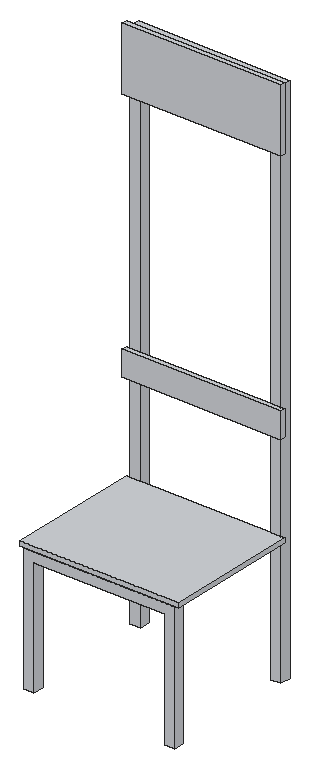
Revit family "АВЛН_Вешалка напольная", category Мебель, Revit 2019
Family settings
  Номер OmniClass = 23.40.20.00
  Заголовок OmniClass = General Furniture and Specialties
  На основе рабочей плоскости = Нет
  Всегда вертикально = Да
  При загрузке вырезать с полостями = Нет
  Общий = Нет
  Точка расчета площади = Нет
Parameters (values of type "Вешалка напольная на 5 крючков")
  Описание = "Вешалка напольная на 5 крючков.в комплекте со\r\nскамьей и ячейками для обуви 500х450х1700мм"
  Type Comments = ""
  Keynote = ""
  Изготовитель = "Торговая сеть"
  Группа модели = "Оборудование основных помещений школы"  # constant formula
  ADSK_Размер_Ширина = 450 mm
  ADSK_Размер_Длина = 500 mm
  ADSK_Размер_Высота = 1700 mm
  ADSK_Обозначение = ""
  ADSK_Масса = 0
  ADSK_Код изделия = ""
  ADSK_Единица измерения = "шт"  # constant formula
Types (3, lengths in mm): name | Описание | ADSK_Размер_Длина
  (no name) | "Вешалка напольная на 5 крючков.в комплекте со\r\nскамьей и ячейками для обуви 500х450х1700мм" | 500
  Вешалка напольная на 10 крючков | "Вешалка напольная на 10 крючков.в комплекте со\r\nскамьей и ячейками для обуви 1000х450х1700мм" | 1000
  Вешалка напольная на 5 крючков | "Вешалка напольная на 5 крючков.в комплекте со\r\nскамьей и ячейками для обуви 500х450х1700мм" | 500
Reference planes
  plane 1 "По центру (Вперед/Назад)": y = 0
  plane 2: z = 0
  plane 3 "По центру (Влево/Вправо)": x = 0
  plane 4: z = 1700
  plane 5: y = 225
  plane 6: x = 250
  plane 7: x = -250
  plane 8: y = -225
Forms (mm)
  Extrusion 1, solid
    sketch origin (0, -518.993, 400) x (-1, 0, 0) y (0, -1, 0)
      loop
        line (-250, -711.939) -> (250, -711.939) -> (250, -293.993) -> (-250, -293.993) -> (-250, -711.939)
    from 0 to 15
  Extrusion 2, solid
    sketch origin (-281.459, 225, 1200) x (-1, 0, 0) y (0, 0, 1)
      loop
        line (-531.459, 500) -> (-531.459, 300) -> (-31.459, 300) -> (-31.459, 500) -> (-531.459, 500)
      loop
        line (-531.459, -500.356) -> (-31.459, -500.356) -> (-31.459, -420.356) -> (-531.459, -420.356) -> (-531.459, -500.356)
    from -48.313 to -32.054
  Sweep 3, solid
    path origin (-281.459, 225, 1200) x (-1, 0, 0) y (0, 0, 1)
      loop
        line (-491.459, -1200) -> (-491.459, 460) -> (-71.459, 460) -> (-71.459, -1200)
    profile origin (210, 225, 830) x (1, 0, 0) y (0, 1, 0)
      loop
        line (-4.21, 0) -> (-4.21, -32) -> (27.79, -32) -> (27.79, 0) -> (-4.21, 0)
  Sweep 4, solid
    path origin (-281.459, -225, 1200) x (-1, 0, 0) y (0, 0, 1)
      loop
        line (-519.25, -1200) -> (-519.25, -800) -> (-43.669, -800) -> (-43.669, -1200)
    profile origin (237.79, -225, 200) x (1, 0, 0) y (0, 1, 0)
      loop
        line (-32, 32) -> (-32, 0) -> (0, 0) -> (0, 32) -> (-32, 32)
Dimensions and locks
  plane 2 to plane 4 = 1700 mm
  equal spacing: plane 8, plane 1 "По центру (Вперед/Назад)", plane 5
  equal spacing: plane 7, plane 3 "По центру (Влево/Вправо)", plane 6
  "ADSK_Размер_Длина": plane 7 to plane 6
  "ADSK_Размер_Ширина": plane 5 to plane 8
  "ADSK_Размер_Высота": plane 2 to plane 4
  plane 2 to Extrusion 1 to Extrusion 1 = 400 mm locked, 15 mm locked
  locked: Extrusion 2 sketch curve to Extrusion 2 sketch curve at 200
  level to Extrusion 2 sketch curve to Extrusion 2 sketch curve = 699.644 mm, 80 mm locked
  plane 5 to Extrusion 2 to Extrusion 2 = 32.054 mm locked, 16.259 mm locked
  locked: Sweep 4 sketch curve to profile plane at 32  (x2)
  plane 6 to Sweep 3 = 12.21 mm
  locked: Sweep 3 to plane 7 at 12.21
  locked: plane 6 to Sweep 3 at 12.21
  aligned and locked: level to plane 2
  aligned and locked: plane 6 to Extrusion 1 sketch curve
  aligned and locked: Extrusion 1 sketch curve to plane 8
  aligned and locked: Extrusion 1 sketch curve to plane 7
  aligned and locked: plane 6 to Extrusion 1
  aligned and locked: Extrusion 1 to plane 7
  aligned and locked: Extrusion 1 to plane 8
  aligned and locked: Extrusion 2 sketch curve to plane 4
  aligned and locked: plane 6 to Extrusion 2 sketch curve
  aligned and locked: Extrusion 2 sketch curve to plane 7
  aligned and locked: Extrusion 2 sketch curve to plane 6
  aligned and locked: plane 7 to Extrusion 2 sketch curve
  aligned and locked: Extrusion 2 to Extrusion 1
  aligned and locked: plane 8 to Sweep 4 sketch curve
  aligned and locked: profile plane to Sweep 4 sketch curve
Automatic sketch dimensions
  Extrusion 1 sketch curve to plane 5 = 32.054 mm
  plane 1 "По центру (Вперед/Назад)" to Sweep 3 sketch curve = 225 mm
  profile plane to Sweep 3 sketch curve = 4.21 mm
  Sweep 3 sketch curve to profile plane = 27.79 mm
  plane 1 "По центру (Вперед/Назад)" to Sweep 3 sketch curve = 193 mm
  Sweep 3 sketch curve to level = 0 mm  (x2)
  Sweep 3 sketch curve to plane 6 = 40 mm
  plane 7 to Sweep 3 sketch curve = 40 mm
  plane 4 to Sweep 3 sketch curve = 40 mm
  Sweep 4 sketch curve to level = 0 mm  (x2)
  Sweep 4 sketch curve to plane 6 = 12.21 mm
  plane 7 to Sweep 4 sketch curve = 12.21 mm
  level to Sweep 4 sketch curve = 400 mm
